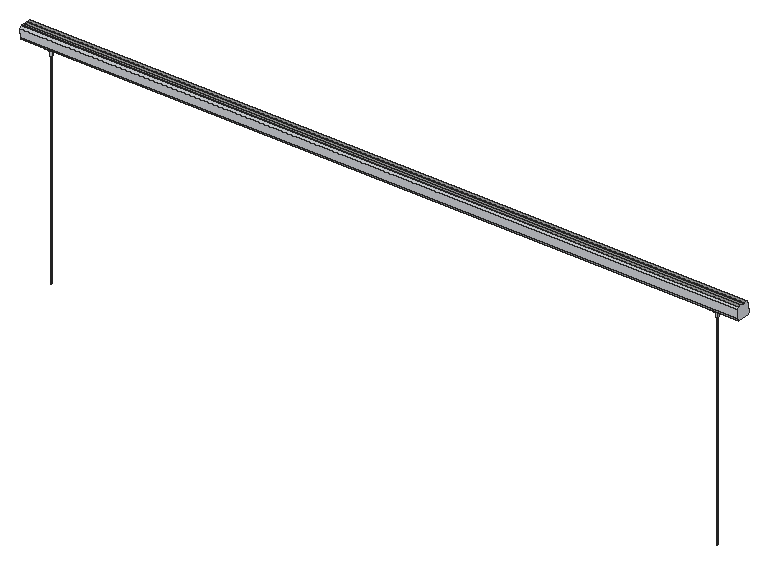
Revit family "0042543 Sylvania Lighting Fixture ISOLINE  3380MM 4K WD E3 8C", category Lighting Fixtures, host Face, Revit 2018
Family settings
  Host = Face
  Round Connector Dimension = Use Diameter
  Part Type = Normal
  OmniClass Number = 23.80.70.00
  OmniClass Title = Lighting
  Cut with Voids When Loaded = No
  Light Source = Yes
  Shared = No
  Room Calculation Point = No
Parameters (values of type "0042543 ISOLINE  3380MM 4K WD E3 8C")
  suspension height = 1000 mm
  spacer height = 5 mm
  spacer centres = 1000 mm
  height = 58.791 mm
  Width = 62 mm
  Weight = "n/a"
  Wattage Comments = ""
  Wattage = 9.2903 W
  WarrantyStartDate [instance] = "n/a"
  WarrantyGuarantorParts = "n/a"
  WarrantyDurationUnit = "n/a"
  WarrantyDurationParts = ""
  WarrantyDescription = "http://www.sylvania-lighting.com"
  built-in parameter 1150110 = 1 (stored number, unit not read)
  Voltage = 0 V
  URL = "0"
  TypeName = "ISOLINE  3380MM 4K WD E3 8C"
  Type Image = <None>
  Type Comments = "n/a"
  built-in parameter 1114217 = 1 (stored number, unit not read)
  Tilt Angle = 90.00°
  built-in parameter 1150109 = 1 (stored number, unit not read)
  built-in parameter 1150134 = 3
  built-in parameter 1150113 = 1 (stored number, unit not read)
  SerialNumber [instance] = "n/a"
  Photometric Web File = "0042543.ies"
  Material_3_FEILO = none
  PowerFactor = 0
  PowerConsumption = "Lighting"
  NominalLength = 62 mm
  NominalHeight = 0 mm
  NominalDepth = 0 mm
  Name = "ISOLINE  3380MM 4K WD E3 8C"
  ModelReference = Name  # "ISOLINE  3380MM 4K WD E3 8C"
  ModelNumber = "0042543"
  Model = Name  # "ISOLINE  3380MM 4K WD E3 8C"
  Material = "Feilo Sylvania"
  ManufacturerName = "139 lm/W"
  Manufacturer = ""
  LuminousEfficacy = ""
  built-in parameter 1150105 = 109.82 (stored number, unit not read)
  Lumens = 1380 lm
  LuminaireType = "0"
  built-in parameter 1150115 = 1 (stored number, unit not read)
  LightOutputRatio = "LED"
  built-in parameter 1150137 = (empty or 0)
  built-in parameter 1150139 = (empty or 0)
  Length = 3380 mm
  LampsType = Lamp  # "n/a"
  LampNominalLuminous = "4000 K"
  LampMacAdamStep = "80"
  LampColourTemperature = "LED"
  LampColourRenderingIndex = "16500"
  built-in parameter 1150112 = 1 (stored number, unit not read)
  built-in parameter 1150114 = 1 (stored number, unit not read)
  Lamp = "n/a"
  Keynote = "n/a"
  InstallationDate [instance] = "n/a"
  InputVoltage = "0"
  InputNominalFrequency = "4000"
  built-in parameter 1150132 = (empty or 0)
  built-in parameter 1150102 = (empty or 0)
  built-in parameter 1150107 = 3200 (stored number, unit not read)
  built-in parameter 1150138 = (empty or 0)
  IngressProtection = "IfcLightFixtureType"
  ImpactProtectionIndex = "IfcLightFixtureType"
  built-in parameter 1150106 = 1.0982 (stored number, unit not read)
  IfcExportType = "IfcLightFixtureType"
  IfcExportAs = "Class I"
  Height = 1000 mm
  ExpectedLife = 50000
  Emit from Circle Diameter = 609.6 mm
  Emit Shape Visible in Rendering = no
  ElectricShockClassification = "139"
  built-in parameter 1150104 = 13.8 (stored number, unit not read)
  DurationUnit = "hours"
  DocumentationLiterature = "http://www.sylvania-lighting.com/product/en-int/products/0042543"
  DimmingControlOptions = "n/a"
  Material_2_FEILO = none
  Dimming Lamp Color Temperature Shift = <None>
  Description = "Isoline LED linear luminaire with 3hr integrated emergency function for industrial and commercial applications. 3380 mm length with wide optics provide homogeneous light distribution for open areas. Aluminium housing, RAL 9016. Max + 35 °C operating temperature range, 4000 K, CRI 80, UGR <25, 3 SDMC. 117 W power consumption, 16300 lm luminous flux, 139 lm/W efficacy, 3380 mm x62 mm x 59 mm (L x W x H) dimensions, IP20, IK03, 220-240 V 50/60 Hz, Class I.Lifespan L70:B50 60,000 hours."
  Default Elevation = 1219.2 mm
  CreatedOn = "04/03/2021"
  CreatedBy = "@sylvania-lighting.com"
  Cost = 0
  Color Filter = 16777215
  built-in parameter 1114216 [instance] = (empty or 0)
  ClassificationValue = "EF_70_80"
  ClassificationName = "Uniclass2015"
  Material_1_FEILO = none
  BarCode [instance] = "n/a"
  built-in parameter 1114218 = 1 (stored number, unit not read)
  built-in parameter 1150133 = 10 (stored number, unit not read)
  AssetType = "Fixed"
  AssetIdentifier [instance] = "n/a"
  Assembly Code = "D5020200"
  Apparent Load = 117 VA
  Material_4_FEILO = none
Reference planes
  plane 1 "Center (Front/Back)": y = 0
  plane 2: z = 0
  plane 3 "Center (Left/Right)": x = 0
  plane 4: z = 0
  plane 5: z = 1000
  plane 6: y = 31
  plane 7: y = -31
  plane 8: x = -1690
  plane 9: x = 1690
  plane 10: x = -37.307
  plane 11: x = 55
  plane 12: z = 1058.791
  plane 13: z = 51
  plane 14: y = -27
  plane 15: y = 27
  plane 16: z = 12
  plane 17: y = -24.969
  plane 18: y = 25
  plane 19: y = 12
  plane 20: y = -12
  plane 21: z = 1.634
  plane 22: y = -8
  plane 23: y = 8
  plane 24: x = -1580
  plane 25: x = -1555
  plane 26: x = 1580
  plane 27: x = 1555
  plane 28: z = 995
  plane 29: y = 26.98
  plane 30: y = 16.98
  plane 31: y = -27.027
  plane 32: y = -17.004
  plane 33: z = 996.5
  plane 34: y = 26.002
  plane 35: y = -26.027
  plane 36: through (-1580, 7.965, 1219.2) normal (0.5391, 0.8423, 0)
  plane 37: through (-1555, 7.965, 1219.2) normal (0.5391, -0.8423, 0)
  plane 38: through (1555, 7.965, 1219.2) normal (0.5391, 0.8423, 0)
  plane 39: through (1580, 8, 1219.2) normal (0.5399, -0.8417, 0)
  plane 40: z = 1058.003
  plane 41: z = 1056.819
Forms (mm)
  Extrusion 1, solid, detail levels medium+fine
    sketch origin (-1690, -1523.717, -160.594) x (0, -1, -0.000261) y (0, 0.000261, -1)
      loop
        line (-1493, -1168.2) -> (-1497, -1160.2) -> (-1551, -1160.2) -> (-1555, -1168.2) -> (-1555, -1207.2) -> (-1549.109, -1218.982) -> (-1535.466, -1218.982) -> (-1532, -1217.566) -> (-1516, -1217.566) -> (-1512.511, -1218.991) -> (-1498.896, -1218.991) -> (-1493, -1207.2) -> (-1493, -1168.2)
    from 0 to 3380
  Extrusion 2, solid
    sketch origin (1555, 1524, 1219.189) x (0, 1, 0) y (0, 0, 1)
      loop
        line (-1497.021, -219.189) -> (-1498.02, -219.189) -> (-1507.02, -223.699) -> (-1541.004, -223.699) -> (-1550.017, -219.203) -> (-1551.02, -219.203) -> (-1541.004, -224.2) -> (-1507.02, -224.2) -> (-1497.021, -219.189)
    from 0 to 25
  Extrusion 3, solid
    sketch origin (-1580, 1524, 1219.189) x (0, 1, 0) y (0, 0, 1)
      loop
        line (-1497.021, -219.189) -> (-1498.02, -219.189) -> (-1507.02, -223.699) -> (-1541.004, -223.699) -> (-1550.017, -219.203) -> (-1551.02, -219.203) -> (-1541.004, -224.2) -> (-1507.02, -224.2) -> (-1497.021, -219.189)
    from 0 to 25
  Extrusion 4, solid
    sketch origin (4.2, 0, 0) x (1, 0, 0) y (0, 1, 0)
      loop
        circle (-1571.7, -0.035) r 5
    from 962.277 to 995
  Extrusion 5, solid
    sketch origin (3139.062, 0.065, 0) x (1, 0, 0) y (0, 1, 0)
      loop
        circle (-1571.7, -0.035) r 5
    from 962.277 to 995
  Extrusion 6, solid
    sketch origin (4.2, 0, 0) x (1, 0, 0) y (0, 1, 0)
      loop
        circle (-1571.7, -0.035) r 1.5
    from 0 to 962.277
  Extrusion 7, solid
    sketch origin (3139.076, 0.033, 0) x (1, 0, 0) y (0, 1, 0)
      loop
        circle (-1571.7, -0.035) r 1.5
    from 0 to 977.512
  Extrusion 8, solid, material "Glass, White, High Luminance", detail levels fine
    sketch origin (319, 1524, 1219.2) x (0, 1, 0) y (0, 0, 1)
      loop
        line (-1498.926, -160.099) -> (-1512.703, -160.099) -> (-1516.213, -161.534) -> (-1531.9, -161.534) -> (-1535.47, -160.114) -> (-1549.12, -160.114) -> (-1549.12, -161.197) -> (-1535.782, -161.197) -> (-1532.805, -162.381) -> (-1515.468, -162.381) -> (-1512.929, -161.197) -> (-1498.926, -161.197) -> (-1498.926, -160.099)
    from -2009 to 1371
  Extrusion 9, solid, detail levels coarse
    sketch origin (319, 1524, 1219.2) x (0, 1, 0) y (0, 0, 1)
      loop
        line (-1493, -160.052) -> (-1555, -160.052) -> (-1555, -1219.2) -> (-1493, -1219.2) -> (-1493, -160.052)
    from -2009 to 1371
Dimensions and locks
  "Width": plane 6 to plane 7
  equal spacing: plane 6, plane 1 "Center (Front/Back)", plane 7
  "Length": plane 8 to plane 9
  equal spacing: plane 8, plane 3 "Center (Left/Right)", plane 9
  "height": plane 12 to plane 5
  "suspension height": plane 5 to level
  aligned and locked: host face to plane 2
  aligned and locked: host face to level
Automatic sketch dimensions
  host sketch curve to host sketch curve = 3582.803 mm
  host sketch curve to host sketch curve = 2438.4 mm
  Extrusion 1 sketch curve to plane 29 = 0 mm
  Extrusion 1 sketch curve to plane 6 = 0.033 mm
  Extrusion 1 sketch curve to plane 12 = 11.778 mm
  Extrusion 1 sketch curve to Extrusion 1 sketch curve = 4 mm  (x2)
  Extrusion 1 sketch curve to Extrusion 1 sketch curve = 5.891 mm
  Extrusion 1 sketch curve to Extrusion 1 sketch curve = 13.643 mm
  Extrusion 1 sketch curve to Extrusion 1 sketch curve = 3.466 mm
  Extrusion 1 sketch curve to Extrusion 1 sketch curve = 16 mm
  Extrusion 1 sketch curve to Extrusion 1 sketch curve = 3.489 mm
  Extrusion 1 sketch curve to Extrusion 1 sketch curve = 13.615 mm
  Extrusion 1 sketch curve to Extrusion 1 sketch curve = 54 mm
  Extrusion 1 sketch curve to Extrusion 1 sketch curve = 47 mm
  Extrusion 1 sketch curve to Extrusion 1 sketch curve = 10.366 mm
  Extrusion 1 sketch curve to Extrusion 1 sketch curve = 1.425 mm
  Extrusion 1 sketch curve to Extrusion 1 sketch curve = 11.782 mm
  Extrusion 1 sketch curve to Extrusion 1 sketch curve = 8 mm  (x2)
  Extrusion 2 sketch curve to plane 32 = 0 mm  (x2)
  Extrusion 2 sketch curve to plane 30 = 0 mm  (x2)
  Extrusion 2 sketch curve to plane 5 = 0 mm
  Extrusion 2 sketch curve to plane 35 = 0.01 mm
  Extrusion 2 sketch curve to plane 31 = 0.007 mm
  plane 34 to Extrusion 2 sketch curve = 0.022 mm
  plane 29 to Extrusion 2 sketch curve = 0.001 mm
  Extrusion 2 sketch curve to plane 5 = 0.014 mm
  plane 28 to Extrusion 2 sketch curve = 0.489 mm
  Extrusion 2 sketch curve to plane 28 = 0.011 mm
  Extrusion 3 sketch curve to plane 32 = 0 mm  (x2)
  Extrusion 3 sketch curve to plane 30 = 0 mm  (x2)
  Extrusion 3 sketch curve to plane 5 = 0 mm
  Extrusion 3 sketch curve to plane 35 = 0.01 mm
  Extrusion 3 sketch curve to plane 31 = 0.007 mm
  plane 34 to Extrusion 3 sketch curve = 0.022 mm
  plane 29 to Extrusion 3 sketch curve = 0.001 mm
  Extrusion 3 sketch curve to plane 5 = 0.014 mm
  plane 28 to Extrusion 3 sketch curve = 0.489 mm
  Extrusion 3 sketch curve to plane 28 = 0.011 mm
  Extrusion 4 sketch curve to plane 36 = 0 mm
  plane 37 to Extrusion 4 sketch curve = 0 mm
  Extrusion 5 sketch curve to plane 1 "Center (Front/Back)" = 0.029 mm
  plane 27 to Extrusion 5 sketch curve = 12.362 mm
  Extrusion 6 sketch curve to plane 36 = 0 mm
  plane 37 to Extrusion 6 sketch curve = 0 mm
  plane 1 "Center (Front/Back)" to Extrusion 7 sketch curve = 0.002 mm
  plane 27 to Extrusion 7 sketch curve = 12.376 mm
  Extrusion 8 sketch curve to plane 40 = 0 mm  (x2)
  Extrusion 8 sketch curve to plane 41 = 0 mm
  plane 17 to Extrusion 8 sketch curve = 0.151 mm
  Extrusion 8 sketch curve to plane 20 = 0.218 mm
  plane 12 to Extrusion 8 sketch curve = 0.295 mm
  Extrusion 8 sketch curve to plane 20 = 0.53 mm
  plane 22 to Extrusion 8 sketch curve = 0.805 mm
  Extrusion 8 sketch curve to plane 22 = 0.1 mm
  plane 23 to Extrusion 8 sketch curve = 0.213 mm
  Extrusion 8 sketch curve to plane 23 = 0.532 mm
  plane 19 to Extrusion 8 sketch curve = 0.929 mm
  Extrusion 8 sketch curve to plane 18 = 0.074 mm
  plane 41 to Extrusion 8 sketch curve = 0.848 mm
  plane 19 to Extrusion 8 sketch curve = 0.703 mm
  plane 12 to Extrusion 8 sketch curve = 0.31 mm
  Extrusion 9 sketch curve to plane 7 = 0 mm
  Extrusion 9 sketch curve to plane 6 = 0 mm
  Extrusion 9 sketch curve to plane 33 = 996.5 mm
  plane 12 to Extrusion 9 sketch curve = 0.357 mm
  radius of Extrusion 4 sketch curve = 5 mm
  radius of Extrusion 5 sketch curve = 5 mm
  radius of Extrusion 6 sketch curve = 1.5 mm
  radius of Extrusion 7 sketch curve = 1.5 mm
Connectors
  electrical at (0, -0.02, 1000.004)
    settings: on Extrusion 1, index 1, voltage 0 V, apparent load 0 VA, apparent load phase1 0 VA, apparent load phase2 0 VA, apparent load phase3 0 VA, power factor 1, load classification "Other", number of poles 1, system type 31, power factor state 1, is connector primary yes, connector utility no, sub classification motor no, connector description ""
